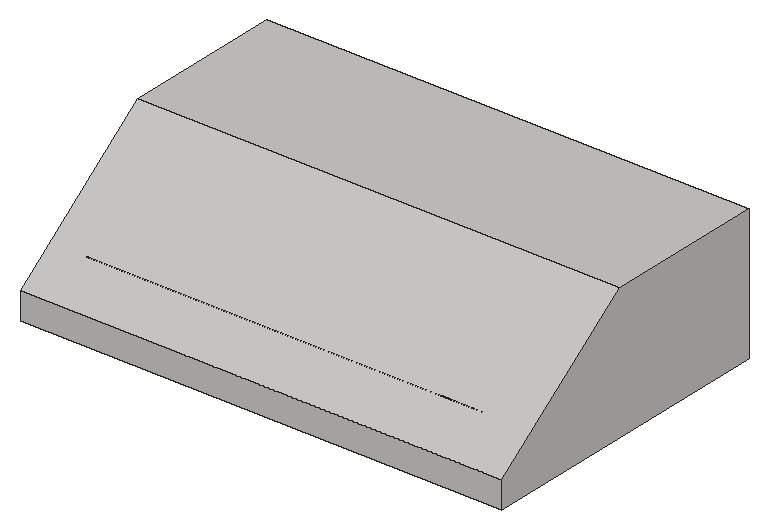
Revit family "P190780JX-154c_JXU9136HP_StainlessSteel_JA_Cooking_Ventilation", category Specialty Equipment, Revit 2023
Family settings
  Round Connector Dimension = Use Diameter
  Part Type = Normal
  Work Plane-Based = No
  Enable Cutting in Views = No
  Always vertical = Yes
  Cut with Voids When Loaded = No
  Maintain Annotation Orientation = No
  Shared = No
  Room Calculation Point = No
Parameters (values of type "JXU9136HP")
  Width = 36"
  Voltage = 0 V
  URL = ""
  Model = "JXU9136HP"
  Manufacturer = "Jenn Air"
  Knob Material = ARCAT - Metal - Steel - Black
  Installation-Fabrication = ""
  Height = 10"
  Feature 3 = "Radiant Until Ready\nRadiant jusqu’à ce qu’il soit prêt"
  Feature 2 = "3 1/4\" x 10\" Rectangular Exterior Venting\nConduit d’évacuation rectangulaire extérieur 3 1⁄4 x 10 po"
  Feature 1 = "Velocity Blower\nVentilateur à grande vitesse"
  Family Name = "COMMERCIAL & LINER HOODS - 36\""
  Energy Guide = ""
  Drawn By = ""
  Vent Material = ARCAT - Metal - Steel - Gray
  Dimension Guide = ""
  Description = "Pro-Style® 36\" Professional Low Profile Under Cabinet Hood\nHotte de ventilation à profil bas sous le placard, 36 po"
  Depth = 23"
  Default Elevation = 0"
  Copyright = ""
  Body Material = ARCAT - Metal - Steel - Stainless
  Amps = 0 A
  Accent Material = ARCAT - Metal - Steel - Gray
Reference planes (in)
  plane 1 "Center (Front/Back)": y = 0
  plane 2: z = 0
  plane 3 "Center (Left/Right)": x = 0
  plane 4: y = -23
  plane 5: z = 10
  plane 6: x = 18
  plane 7: x = -18
Forms (in)
  Extrusion 1, solid, material "ARCAT - Metal - Steel - Stainless" <- "Body Material"
    sketch origin (18, 60, 48) x (0, 1, 0) y (0, 0, 1)
      loop
        line (-60, -48) -> (-60, -38) -> (-72, -38) -> (-83, -46) -> (-83, -48) -> (-60, -48)
    from 0 to -36
  Extrusion 2, void
    sketch origin (18, 60, 48) x (0, -1, 0) y (0, 0, 1)
      loop
        line (82, -48) -> (82, -46.50922) -> (79.37907, -44.60309) -> (60.0625, -44.60309) -> (60.0625, -47.96875) -> (61, -47.96875) -> (61, -48) -> (82, -48)
    from 2 to 34
  Extrusion 3, solid, material "ARCAT - Metal - Steel - Stainless" <- "Body Material"
    sketch origin (16, 60, 48) x (0, -1, 0) y (0, 0, 1)
      loop
        line (81.50902, -47.98438) -> (82, -47.98438) -> (82, -46.50922) -> (79.37907, -44.60309) -> (73.65538, -44.60309) -> (73.65538, -47.98438) -> (74.72678, -47.98438) -> (79.33484, -44.63642) -> (81.50902, -47.98438)
    from 0 to 32
  Extrusion 4, void
    sketch origin (18.1875, -19.33484, 3.36358) x (0, -0.809017, 0.587785) y (1, 0, 0)
      loop
        circle (-2.5642, -4.60972) r 1.12402
    from 0 to 0.25
  Extrusion 5, solid, material "ARCAT - Metal - Steel - Black" <- "Knob Material"
    sketch origin (18.1875, -19.18789, 3.56583) x (0, 0.809017, -0.587785) y (1, 0, 0)
      loop
        circle (2.5642, -4.60972) r 1
    from 0 to 0.875
  Extrusion 6, void
    sketch origin (14.6875, -19.33484, 3.36358) x (0, -0.809017, 0.587785) y (1, 0, 0)
      loop
        circle (-2.5642, -4.60972) r 1.12402
    from 0 to 0.25
  Extrusion 7, solid, material "ARCAT - Metal - Steel - Black" <- "Knob Material"
    sketch origin (14.6875, -19.18789, 3.56583) x (0, 0.809017, -0.587785) y (1, 0, 0)
      loop
        circle (2.5642, -4.60972) r 1
    from 0 to 0.875
  Revolve 8, solid, material "ARCAT - Metal - Steel - Gray" <- "Accent Material"
    sketch origin (6.75, 60, 48) x (0, 1, 0) y (0, 0, 1)
      loop
        line (-81.3067, -47.67314) -> (-81.21605, -47.73198)
        arc (-81.21605, -47.73198) -> (-81.19216, -47.73965) -> (-81.16767, -47.73417) r 0.04786
        arc (-81.16767, -47.73417) -> (-80.9038, -47.57083) -> (-80.66492, -47.37273) r 2.24972
        arc (-80.66492, -47.37273) -> (-80.64235, -47.37737) -> (-80.62186, -47.36686) r 0.0347
        arc (-80.62186, -47.36686) -> (-80.29865, -46.98598) -> (-80.01918, -46.57195) r 4.54624
        line (-80.01918, -46.57195) -> (-80.42207, -46.31031) -> (-81.3067, -47.67314)
      axis (-80.42207, -46.31031) -> (-80.01918, -46.57195)
    angle from 0 to 360
  Revolve 9, solid, material "ARCAT - Metal - Steel - Gray" <- "Accent Material"
    sketch origin (-8.375, 60, 48) x (0, 1, 0) y (0, 0, 1)
      loop
        line (-81.3067, -47.67314) -> (-81.21605, -47.73198)
        arc (-81.21605, -47.73198) -> (-81.19216, -47.73965) -> (-81.16767, -47.73417) r 0.04786
        arc (-81.16767, -47.73417) -> (-80.9038, -47.57083) -> (-80.66492, -47.37273) r 2.24972
        arc (-80.66492, -47.37273) -> (-80.64235, -47.37737) -> (-80.62186, -47.36686) r 0.0347
        arc (-80.62186, -47.36686) -> (-80.29865, -46.98598) -> (-80.01918, -46.57195) r 4.54624
        line (-80.01918, -46.57195) -> (-80.42207, -46.31031) -> (-81.3067, -47.67314)
      axis (-80.42207, -46.31031) -> (-80.01918, -46.57195)
    angle from 0 to 360
  Extrusion 10, solid, material "ARCAT - Metal - Steel - Black" <- "Knob Material"
    sketch origin (18.1875, -19.7022, 2.85794) x (0, 0.809017, -0.587785) y (1, 0, 0)
      loop
        circle (2.5642, -4.60972) r 1
    from 0 to 0.125
  Extrusion 11, solid, material "ARCAT - Metal - Steel - Black" <- "Knob Material"
    sketch origin (14.6875, -19.7022, 2.85794) x (0, 0.809017, -0.587785) y (1, 0, 0)
      loop
        circle (2.5642, -4.60972) r 1
    from 0 to 0.125
  Extrusion 12, solid, material "ARCAT - Metal - Steel - Gray" <- "Vent Material"
    sketch origin (19.29055, -1.90559, 0.03125) x (0, -1, 0) y (1, 0, 0)
      loop
        line (-0.84309, -3.29055) -> (-1.84309, -3.29055) -> (-1.84309, -35.29055) -> (-0.84309, -35.29055) -> (-0.84309, -3.29055)
      loop
        line (11.74979, -3.29055) -> (10.74979, -3.29055) -> (10.74979, -35.29055) -> (11.74979, -35.29055) -> (11.74979, -3.29055)
    from 0 to 0.5
  Extrusion 13, solid, material "ARCAT - Metal - Steel - Gray" <- "Vent Material"
    sketch origin (18, -0.0625, 0.0625) x (0, -1, 0) y (1, 0, 0)
      loop
        line (1, -34) -> (12.59288, -34) -> (12.59288, -33.25) -> (1, -33.25) -> (1, -34)
    from 0 to 0.25
  Extrusion 14, solid, material "ARCAT - Metal - Steel - Gray" <- "Vent Material"
    sketch origin (26.75, -0.0625, 0.0625) x (1, 0, 0) y (0, -1, 0)
      loop
        line (-26.76562, 1) -> (-26.76562, 12.59288) -> (-27.51562, 12.59288) -> (-27.51562, 1) -> (-26.76562, 1)
    from 0 to -0.25
  Extrusion 15, solid, material "ARCAT - Metal - Steel - Gray" <- "Vent Material"
    sketch origin (17, -0.0625, 0.0625) x (0, 1, 0) y (1, 0, 0)
      loop
        line (-1, -31.75) -> (-1, -30.5) -> (-12.59288, -30.5) -> (-12.59288, -31.75) -> (-1, -31.75)
    from 0 to -0.25
  Extrusion 16, solid, material "ARCAT - Metal - Steel - Gray" <- "Vent Material"
    sketch origin (-18, -0.0625, 0.0625) x (0, -1, 0) y (1, 0, 0)
      loop
        line (1, 34) -> (1, 33.25) -> (12.59288, 33.25) -> (12.59288, 34) -> (1, 34)
    from 0 to 0.25
  Extrusion 17, solid, material "ARCAT - Metal - Steel - Gray" <- "Vent Material"
    sketch origin (-26.75, -0.0625, 0.0625) x (1, 0, 0) y (0, -1, 0)
      loop
        line (26.76562, 1) -> (27.51562, 1) -> (27.51562, 12.59288) -> (26.76562, 12.59288) -> (26.76562, 1)
    from 0 to -0.25
  Extrusion 18, solid, material "ARCAT - Metal - Steel - Gray" <- "Vent Material"
    sketch origin (29.23438, -0.0625, 0.0625) x (0, 1, 0) y (1, 0, 0)
      loop
        line (-1, -31.75) -> (-1, -30.5) -> (-12.59288, -30.5) -> (-12.59288, -31.75) -> (-1, -31.75)
    from 0 to -0.25
  Extrusion 19, solid, material "ARCAT - Metal - Steel - Gray" <- "Vent Material"
    sketch origin (18.74777, -0.0625, 0.0625) x (0, 1, 0) y (1, 0, 0)
      loop
        line (-1, -31.75) -> (-1, -30.5) -> (-12.59288, -30.5) -> (-12.59288, -31.75) -> (-1, -31.75)
    from 0 to -0.25
  Extrusion 20, solid, material "ARCAT - Metal - Steel - Gray" <- "Vent Material"
    sketch origin (20.49554, -0.0625, 0.0625) x (0, 1, 0) y (1, 0, 0)
      loop
        line (-1, -31.75) -> (-1, -30.5) -> (-12.59288, -30.5) -> (-12.59288, -31.75) -> (-1, -31.75)
    from 0 to -0.25
  Extrusion 21, solid, material "ARCAT - Metal - Steel - Gray" <- "Vent Material"
    sketch origin (22.2433, -0.0625, 0.0625) x (0, 1, 0) y (1, 0, 0)
      loop
        line (-1, -31.75) -> (-1, -30.5) -> (-12.59288, -30.5) -> (-12.59288, -31.75) -> (-1, -31.75)
    from 0 to -0.25
  Extrusion 22, solid, material "ARCAT - Metal - Steel - Gray" <- "Vent Material"
    sketch origin (23.99107, -0.0625, 0.0625) x (0, 1, 0) y (1, 0, 0)
      loop
        line (-1, -31.75) -> (-1, -30.5) -> (-12.59288, -30.5) -> (-12.59288, -31.75) -> (-1, -31.75)
    from 0 to -0.25
  Extrusion 23, solid, material "ARCAT - Metal - Steel - Gray" <- "Vent Material"
    sketch origin (25.73884, -0.0625, 0.0625) x (0, 1, 0) y (1, 0, 0)
      loop
        line (-1, -31.75) -> (-1, -30.5) -> (-12.59288, -30.5) -> (-12.59288, -31.75) -> (-1, -31.75)
    from 0 to -0.25
  Extrusion 24, solid, material "ARCAT - Metal - Steel - Gray" <- "Vent Material"
    sketch origin (27.48661, -0.0625, 0.0625) x (0, 1, 0) y (1, 0, 0)
      loop
        line (-1, -31.75) -> (-1, -30.5) -> (-12.59288, -30.5) -> (-12.59288, -31.75) -> (-1, -31.75)
    from 0 to -0.25
  Extrusion 25, solid, material "ARCAT - Metal - Steel - Gray" <- "Vent Material"
    sketch origin (33.01563, -0.0625, 0.0625) x (0, 1, 0) y (1, 0, 0)
      loop
        line (-1, -31.75) -> (-1, -30.5) -> (-12.59288, -30.5) -> (-12.59288, -31.75) -> (-1, -31.75)
    from 0 to -0.25
  Extrusion 26, solid, material "ARCAT - Metal - Steel - Gray" <- "Vent Material"
    sketch origin (45.25, -0.0625, 0.0625) x (0, 1, 0) y (1, 0, 0)
      loop
        line (-1, -31.75) -> (-1, -30.5) -> (-12.59288, -30.5) -> (-12.59288, -31.75) -> (-1, -31.75)
    from 0 to -0.25
  Extrusion 27, solid, material "ARCAT - Metal - Steel - Gray" <- "Vent Material"
    sketch origin (34.76339, -0.0625, 0.0625) x (0, 1, 0) y (1, 0, 0)
      loop
        line (-1, -31.75) -> (-1, -30.5) -> (-12.59288, -30.5) -> (-12.59288, -31.75) -> (-1, -31.75)
    from 0 to -0.25
  Extrusion 28, solid, material "ARCAT - Metal - Steel - Gray" <- "Vent Material"
    sketch origin (36.51116, -0.0625, 0.0625) x (0, 1, 0) y (1, 0, 0)
      loop
        line (-1, -31.75) -> (-1, -30.5) -> (-12.59288, -30.5) -> (-12.59288, -31.75) -> (-1, -31.75)
    from 0 to -0.25
  Extrusion 29, solid, material "ARCAT - Metal - Steel - Gray" <- "Vent Material"
    sketch origin (38.25893, -0.0625, 0.0625) x (0, 1, 0) y (1, 0, 0)
      loop
        line (-1, -31.75) -> (-1, -30.5) -> (-12.59288, -30.5) -> (-12.59288, -31.75) -> (-1, -31.75)
    from 0 to -0.25
  Extrusion 30, solid, material "ARCAT - Metal - Steel - Gray" <- "Vent Material"
    sketch origin (40.0067, -0.0625, 0.0625) x (0, 1, 0) y (1, 0, 0)
      loop
        line (-1, -31.75) -> (-1, -30.5) -> (-12.59288, -30.5) -> (-12.59288, -31.75) -> (-1, -31.75)
    from 0 to -0.25
  Extrusion 31, solid, material "ARCAT - Metal - Steel - Gray" <- "Vent Material"
    sketch origin (41.75446, -0.0625, 0.0625) x (0, 1, 0) y (1, 0, 0)
      loop
        line (-1, -31.75) -> (-1, -30.5) -> (-12.59288, -30.5) -> (-12.59288, -31.75) -> (-1, -31.75)
    from 0 to -0.25
  Extrusion 32, solid, material "ARCAT - Metal - Steel - Gray" <- "Vent Material"
    sketch origin (43.50223, -0.0625, 0.0625) x (0, 1, 0) y (1, 0, 0)
      loop
        line (-1, -31.75) -> (-1, -30.5) -> (-12.59288, -30.5) -> (-12.59288, -31.75) -> (-1, -31.75)
    from 0 to -0.25
  Revolve 33, solid, material "ARCAT - Metal - Steel - Gray" <- "Vent Material"
    sketch origin (-0.25, -9.44685, 0.03125) x (0, 0, -1) y (1, 0, 0)
      loop
        arc (-0.03125, 7.30489) -> (0.08574, 7.33856) -> (0.20522, 7.31517) r 0.25952
        line (0.20522, 7.31517) -> (0.24768, 7.31517)
        arc (0.24768, 7.31517) -> (0.36945, 7.34549) -> (0.49229, 7.31985) r 0.2813
        arc (0.49229, 7.31985) -> (0.50195, 7.36268) -> (0.50742, 7.40625) r 0.45272
        line (0.50742, 7.40625) -> (-0.03125, 7.40625) -> (-0.03125, 7.30489)
      axis (-0.03125, 7.40625) -> (0.50742, 7.40625)
    angle from 0 to 360
  Revolve 34, solid, material "ARCAT - Metal - Steel - Gray" <- "Vent Material"
    sketch origin (-13.25, -9.44685, 0.03125) x (0, 0, -1) y (1, 0, 0)
      loop
        arc (-0.03125, 4.30489) -> (0.08574, 4.33856) -> (0.20522, 4.31517) r 0.25952
        line (0.20522, 4.31517) -> (0.24768, 4.31517)
        arc (0.24768, 4.31517) -> (0.36945, 4.34549) -> (0.49229, 4.31985) r 0.2813
        arc (0.49229, 4.31985) -> (0.50195, 4.36268) -> (0.50742, 4.40625) r 0.45272
        line (0.50742, 4.40625) -> (-0.03125, 4.40625) -> (-0.03125, 4.30489)
      axis (-0.03125, 4.40625) -> (0.50742, 4.40625)
    angle from 0 to 360
  Revolve 35, solid, material "ARCAT - Metal - Steel - Gray" <- "Vent Material"
    sketch origin (1.4375, -3.88305, 0.03125) x (0, 0, -1) y (1, 0, 0)
      loop
        arc (-0.03125, 7.30489) -> (0.08574, 7.33856) -> (0.20522, 7.31517) r 0.25952
        line (0.20522, 7.31517) -> (0.24768, 7.31517)
        arc (0.24768, 7.31517) -> (0.36945, 7.34549) -> (0.49229, 7.31985) r 0.2813
        arc (0.49229, 7.31985) -> (0.50195, 7.36268) -> (0.50742, 7.40625) r 0.45272
        line (0.50742, 7.40625) -> (-0.03125, 7.40625) -> (-0.03125, 7.30489)
      axis (-0.03125, 7.40625) -> (0.50742, 7.40625)
    angle from 0 to 360
  Revolve 36, solid, material "ARCAT - Metal - Steel - Gray" <- "Vent Material"
    sketch origin (-14.5625, -3.88305, 0.03125) x (0, 0, -1) y (1, 0, 0)
      loop
        arc (-0.03125, 7.30489) -> (0.08574, 7.33856) -> (0.20522, 7.31517) r 0.25952
        line (0.20522, 7.31517) -> (0.24768, 7.31517)
        arc (0.24768, 7.31517) -> (0.36945, 7.34549) -> (0.49229, 7.31985) r 0.2813
        arc (0.49229, 7.31985) -> (0.50195, 7.36268) -> (0.50742, 7.40625) r 0.45272
        line (0.50742, 7.40625) -> (-0.03125, 7.40625) -> (-0.03125, 7.30489)
      axis (-0.03125, 7.40625) -> (0.50742, 7.40625)
    angle from 0 to 360
  Extrusion 37, solid, material "ARCAT - Metal - Steel - Stainless" <- "Body Material"
    sketch origin (18, 0, 0) x (0, 0, 1) y (1, 0, 0)
      loop
        circle (2.45706, -17.9992) r 0.25
    from 0 to 0.03125
Cuts and joins
  Extrusion 2, Extrusion 4 cuts Extrusion 1
  Extrusion 4, Extrusion 6 cuts Extrusion 3
  Extrusion 6 cuts Extrusion 5
Lines and regions (in)
  symbolic lines, style "SpecialityEquipment"
    curve 1: line (-18, 0, 14.29687) -> (-18, -23, 14.29687)
    curve 2: line (-18, -23, 14.29687) -> (18, -23, 14.29687)
    curve 3: line (18, 0, 14.29687) -> (-18, 0, 14.29687)
    curve 4: line (18, 0, 14.29687) -> (18, -23, 14.29687)
    curve 5: line (-18, -12, 14.29687) -> (18, -12, 14.29687)
Dimensions and locks (in)
  "Height": plane 5 to level
  "Depth": plane 1 "Center (Front/Back)" to plane 4
  equal spacing: plane 7, plane 3 "Center (Left/Right)", plane 6
  "Width": plane 7 to plane 6
  aligned and locked: plane 2 to level
  aligned and locked: plane 6 to Extrusion 1
  aligned and locked: plane 7 to Extrusion 1
  aligned and locked: Extrusion 2 to cut or joined group of Extrusion 3, Extrusion 4, Extrusion 6  (x2)
Automatic sketch dimensions
  plane 1 "Center (Front/Back)" to curve 1 = 0"
  curve 5 to plane 7 = 0"
  curve 5 to plane 6 = 0"
  curve 4 to plane 4 = 0"
  plane 4 to curve 5 = 11"
  Extrusion 1 sketch curve to level = 0"
  Extrusion 1 sketch curve to plane 4 = 0"
  Extrusion 1 sketch curve to plane 5 = 0"
  Extrusion 1 sketch curve to plane 1 "Center (Front/Back)" = 0"
  plane 4 to Extrusion 1 sketch curve = 11"
  Extrusion 1 sketch curve to Extrusion 1 sketch curve = 2"
  Extrusion 2 sketch curve to level = 0"
  plane 1 "Center (Front/Back)" to Extrusion 2 sketch curve = 1/16"
  level to Extrusion 2 sketch curve = 1/32"
  Extrusion 2 sketch curve to Extrusion 2 sketch curve = 15/16"
  plane 4 to Extrusion 2 sketch curve = 3.62093"
  plane 4 to Extrusion 2 sketch curve = 1"
  level to Extrusion 2 sketch curve = 1.49078"
  Extrusion 2 sketch curve to Extrusion 2 sketch curve = 1.90613"
  Extrusion 3 sketch curve to Extrusion 2 = 0"  (x4)
  Extrusion 3 sketch curve to Extrusion 2 = 0.03333"
  Extrusion 3 sketch curve to Extrusion 3 sketch curve = 0.04423"
  Extrusion 2 to Extrusion 3 sketch curve = 1/64"  (x2)
  Extrusion 3 sketch curve to Extrusion 3 sketch curve = 4.60806"
  Extrusion 3 sketch curve to Extrusion 3 sketch curve = 1.07139"
  Extrusion 3 sketch curve to Extrusion 3 sketch curve = 0.49098"
  Extrusion 4 sketch curve to Extrusion 3 = 2.5642"
  Extrusion 4 sketch curve to Extrusion 3 = 2.42222"
  Extrusion 6 sketch curve to Extrusion 3 = 2.5642"
  Extrusion 6 sketch curve to Extrusion 3 = 5.92222"
  Revolve 8 sketch curve to plane 4 = 0.92139"
  plane 4 to Revolve 8 sketch curve = 0.78297"
  level to Revolve 8 sketch curve = 0.32686"
  plane 4 to Revolve 8 sketch curve = 1.6933"
  level to Revolve 8 sketch curve = 0.26802"
  Revolve 8 sketch curve to Revolve 8 sketch curve = 0.09065"
  Revolve 8 sketch curve to Revolve 8 sketch curve = 0.02606"
  Revolve 8 sketch curve to Revolve 8 sketch curve = 139/256"
  level to Revolve 8 sketch curve = 1.68969"
  level to Revolve 8 sketch curve = 1.42805"
  Revolve 8 sketch curve to Revolve 8 sketch curve = 0.40289"
  Revolve 8 sketch curve to Revolve 8 sketch curve = 0.04014"
  Revolve 8 sketch curve to Revolve 8 sketch curve = 0.34885"
  Revolve 8 sketch curve to Revolve 8 sketch curve = 0.56614"
  Revolve 8 sketch curve to Revolve 8 sketch curve = 1.50483"
  Revolve 8 sketch curve to Revolve 8 sketch curve = 0"
  Revolve 8 sketch curve to Revolve 8 sketch curve = 0.01788"
  Revolve 8 sketch curve to Revolve 8 sketch curve = 0.00014"
  level to Revolve 8 sketch curve = 1.23116"
  Revolve 8 sketch curve to Revolve 8 sketch curve = 0.30319"
  Revolve 8 sketch curve to Revolve 8 sketch curve = 0.00009"
  Revolve 9 sketch curve to plane 4 = 0.92139"
  plane 4 to Revolve 9 sketch curve = 0.78297"
  level to Revolve 9 sketch curve = 0.32686"
  plane 4 to Revolve 9 sketch curve = 1.6933"
  level to Revolve 9 sketch curve = 0.26802"
  Revolve 9 sketch curve to Revolve 9 sketch curve = 0.09065"
  Revolve 9 sketch curve to Revolve 9 sketch curve = 0.02606"
  Revolve 9 sketch curve to Revolve 9 sketch curve = 139/256"
  level to Revolve 9 sketch curve = 1.68969"
  level to Revolve 9 sketch curve = 1.42805"
  Revolve 9 sketch curve to Revolve 9 sketch curve = 0.40289"
  Revolve 9 sketch curve to Revolve 9 sketch curve = 0.04014"
  Revolve 9 sketch curve to Revolve 9 sketch curve = 0.34885"
  Revolve 9 sketch curve to Revolve 9 sketch curve = 0.56614"
  Revolve 9 sketch curve to Revolve 9 sketch curve = 1.50483"
  Revolve 9 sketch curve to Revolve 9 sketch curve = 0"
  Revolve 9 sketch curve to Revolve 9 sketch curve = 0.01788"
  Revolve 9 sketch curve to Revolve 9 sketch curve = 0.00014"
  level to Revolve 9 sketch curve = 1.23116"
  Revolve 9 sketch curve to Revolve 9 sketch curve = 0.30319"
  Revolve 9 sketch curve to Revolve 9 sketch curve = 0.00009"
  Extrusion 10 sketch curve to plane 6 = 4.42222"
  Extrusion 11 sketch curve to plane 6 = 7.92222"
  Extrusion 12 sketch curve to Extrusion 2 = 0"  (x4)
  Extrusion 2 to Extrusion 12 sketch curve = 0"
  Extrusion 12 sketch curve to Extrusion 2 = 1/16"
  Extrusion 12 sketch curve to Extrusion 12 sketch curve = 11.59288"
  Extrusion 12 sketch curve to Extrusion 12 sketch curve = 1"
  plane 1 "Center (Front/Back)" to Extrusion 13 sketch curve = 1 1/16"
  Extrusion 13 sketch curve to plane 7 = 2"
  plane 4 to Extrusion 13 sketch curve = 10.34462"
  Extrusion 13 sketch curve to Extrusion 13 sketch curve = 3/4"
  Extrusion 13 to Extrusion 14 sketch curve = 0"  (x2)
  Extrusion 14 sketch curve to Extrusion 13 = 14 31/64"
  Extrusion 14 sketch curve to Extrusion 14 sketch curve = 3/4"
  Extrusion 15 sketch curve to plane 7 = 3 1/4"
  plane 4 to Extrusion 15 sketch curve = 10.34462"
  plane 1 "Center (Front/Back)" to Extrusion 15 sketch curve = 1 1/16"
  Extrusion 15 sketch curve to Extrusion 15 sketch curve = 1 1/4"
  plane 1 "Center (Front/Back)" to Extrusion 16 sketch curve = 1 1/16"
  Extrusion 16 sketch curve to plane 6 = 2"
  plane 4 to Extrusion 16 sketch curve = 10.34462"
  Extrusion 16 sketch curve to Extrusion 16 sketch curve = 3/4"
  Extrusion 13 to Extrusion 17 sketch curve = 0"  (x2)
  Extrusion 17 sketch curve to Extrusion 13 = 15 17/64"
  Extrusion 17 sketch curve to Extrusion 17 sketch curve = 3/4"
  plane 4 to Extrusion 18 sketch curve = 10.34462"
  plane 1 "Center (Front/Back)" to Extrusion 18 sketch curve = 1 1/16"
  Extrusion 19 sketch curve to plane 7 = 4.99777"
  plane 4 to Extrusion 19 sketch curve = 10.34462"
  plane 1 "Center (Front/Back)" to Extrusion 19 sketch curve = 1 1/16"
  Extrusion 19 sketch curve to Extrusion 19 sketch curve = 1 1/4"
  plane 4 to Extrusion 20 sketch curve = 10.34462"
  plane 1 "Center (Front/Back)" to Extrusion 20 sketch curve = 1 1/16"
  Extrusion 20 sketch curve to plane 7 = 7.99554"
  Extrusion 20 sketch curve to Extrusion 20 sketch curve = 1 1/4"
  plane 4 to Extrusion 21 sketch curve = 10.34462"
  plane 1 "Center (Front/Back)" to Extrusion 21 sketch curve = 1 1/16"
  Extrusion 21 sketch curve to Extrusion 21 sketch curve = 1 1/4"
  plane 4 to Extrusion 22 sketch curve = 10.34462"
  plane 1 "Center (Front/Back)" to Extrusion 22 sketch curve = 1 1/16"
  Extrusion 22 sketch curve to Extrusion 22 sketch curve = 1 1/4"
  plane 4 to Extrusion 23 sketch curve = 10.34462"
  plane 1 "Center (Front/Back)" to Extrusion 23 sketch curve = 1 1/16"
  Extrusion 23 sketch curve to Extrusion 23 sketch curve = 1 1/4"
  plane 4 to Extrusion 24 sketch curve = 10.34462"
  plane 1 "Center (Front/Back)" to Extrusion 24 sketch curve = 1 1/16"
  Extrusion 24 sketch curve to Extrusion 24 sketch curve = 1 1/4"
  plane 3 "Center (Left/Right)" to Extrusion 25 sketch curve = 1 17/64"
  plane 4 to Extrusion 25 sketch curve = 10.34462"
  plane 1 "Center (Front/Back)" to Extrusion 25 sketch curve = 1 1/16"
  Extrusion 25 sketch curve to Extrusion 25 sketch curve = 1 1/4"
  Extrusion 26 sketch curve to plane 6 = 4 1/2"
  plane 4 to Extrusion 26 sketch curve = 10.34462"
  plane 1 "Center (Front/Back)" to Extrusion 26 sketch curve = 1 1/16"
  Extrusion 26 sketch curve to Extrusion 26 sketch curve = 1 1/4"
  plane 3 "Center (Left/Right)" to Extrusion 27 sketch curve = 3.01339"
  plane 4 to Extrusion 27 sketch curve = 10.34462"
  plane 1 "Center (Front/Back)" to Extrusion 27 sketch curve = 1 1/16"
  Extrusion 27 sketch curve to Extrusion 27 sketch curve = 1 1/4"
  plane 3 "Center (Left/Right)" to Extrusion 28 sketch curve = 4.76116"
  plane 4 to Extrusion 28 sketch curve = 10.34462"
  plane 1 "Center (Front/Back)" to Extrusion 28 sketch curve = 1 1/16"
  Extrusion 28 sketch curve to Extrusion 28 sketch curve = 1 1/4"
  plane 4 to Extrusion 29 sketch curve = 10.34462"
  plane 1 "Center (Front/Back)" to Extrusion 29 sketch curve = 1 1/16"
  plane 3 "Center (Left/Right)" to Extrusion 29 sketch curve = 7.75893"
  Extrusion 29 sketch curve to Extrusion 29 sketch curve = 1 1/4"
  plane 4 to Extrusion 30 sketch curve = 10.34462"
  plane 1 "Center (Front/Back)" to Extrusion 30 sketch curve = 1 1/16"
  Extrusion 30 sketch curve to plane 6 = 8.4933"
  Extrusion 30 sketch curve to Extrusion 30 sketch curve = 1 1/4"
  plane 4 to Extrusion 31 sketch curve = 10.34462"
  plane 1 "Center (Front/Back)" to Extrusion 31 sketch curve = 1 1/16"
  Extrusion 31 sketch curve to plane 6 = 6.74554"
  Extrusion 31 sketch curve to Extrusion 31 sketch curve = 1 1/4"
  plane 4 to Extrusion 32 sketch curve = 10.34462"
  plane 1 "Center (Front/Back)" to Extrusion 32 sketch curve = 1 1/16"
  Extrusion 32 sketch curve to plane 6 = 4.99777"
  Extrusion 32 sketch curve to Extrusion 32 sketch curve = 1 1/4"
  level to Revolve 33 sketch curve = 1/16"
  Revolve 33 sketch curve to level = 0.02477"
  Revolve 33 sketch curve to level = 0.06576"
  Revolve 33 sketch curve to level = 0.17397"
  Revolve 33 sketch curve to Revolve 33 sketch curve = 0.04246"
  Revolve 33 sketch curve to Revolve 33 sketch curve = 0.27782"
  Revolve 33 sketch curve to Revolve 33 sketch curve = 0.25974"
  plane 3 "Center (Left/Right)" to Revolve 33 sketch curve = 6.81424"
  Revolve 33 sketch curve to Revolve 33 sketch curve = 0.01504"
  Revolve 33 sketch curve to Revolve 33 sketch curve = 0.22561"
  Revolve 33 sketch curve to Revolve 33 sketch curve = 0.10136"
  Revolve 33 sketch curve to Revolve 33 sketch curve = 0.03454"
  Revolve 33 sketch curve to Revolve 33 sketch curve = 1/32"
  Revolve 33 sketch curve to Revolve 33 sketch curve = 0.00742"
  Revolve 33 sketch curve to Revolve 33 sketch curve = 0"
  level to Revolve 34 sketch curve = 1/16"
  Revolve 34 sketch curve to level = 0.02477"
  Revolve 34 sketch curve to level = 0.06576"
  Revolve 34 sketch curve to level = 0.17397"
  Revolve 34 sketch curve to Revolve 34 sketch curve = 0.04246"
  Revolve 34 sketch curve to Revolve 34 sketch curve = 0.27782"
  Revolve 34 sketch curve to Revolve 34 sketch curve = 0.25974"
  Revolve 34 sketch curve to Revolve 34 sketch curve = 0.01504"
  Revolve 34 sketch curve to Revolve 34 sketch curve = 0.22561"
  Revolve 34 sketch curve to Revolve 34 sketch curve = 0.10136"
  Revolve 34 sketch curve to Revolve 34 sketch curve = 0.03454"
  level to Revolve 34 sketch curve = 1/32"
  Revolve 34 sketch curve to Revolve 34 sketch curve = 0.00742"
  Revolve 34 sketch curve to Revolve 34 sketch curve = 0"
  level to Revolve 35 sketch curve = 1/16"
  Revolve 35 sketch curve to level = 0.02477"
  Revolve 35 sketch curve to level = 0.06576"
  Revolve 35 sketch curve to level = 0.17397"
  Revolve 35 sketch curve to Revolve 35 sketch curve = 0.04246"
  Revolve 35 sketch curve to Revolve 35 sketch curve = 0.27782"
  Revolve 35 sketch curve to Revolve 35 sketch curve = 0.25974"
  plane 3 "Center (Left/Right)" to Revolve 35 sketch curve = 8.50174"
  Revolve 35 sketch curve to Revolve 35 sketch curve = 0.01504"
  Revolve 35 sketch curve to Revolve 35 sketch curve = 0.22561"
  Revolve 35 sketch curve to Revolve 35 sketch curve = 0.10136"
  Revolve 35 sketch curve to Revolve 35 sketch curve = 0.03454"
  level to Revolve 35 sketch curve = 1/32"
  Revolve 35 sketch curve to Revolve 35 sketch curve = 0.00742"
  Revolve 35 sketch curve to Revolve 35 sketch curve = 0"
  level to Revolve 36 sketch curve = 1/16"
  Revolve 36 sketch curve to level = 0.02477"
  Revolve 36 sketch curve to level = 0.06576"
  Revolve 36 sketch curve to level = 0.17397"
  Revolve 36 sketch curve to Revolve 36 sketch curve = 0.04246"
  Revolve 36 sketch curve to Revolve 36 sketch curve = 0.27782"
  Revolve 36 sketch curve to Revolve 36 sketch curve = 0.25974"
  Revolve 36 sketch curve to Revolve 36 sketch curve = 0.01504"
  Revolve 36 sketch curve to Revolve 36 sketch curve = 0.22561"
  Revolve 36 sketch curve to Revolve 36 sketch curve = 0.10136"
  Revolve 36 sketch curve to Revolve 36 sketch curve = 0.03454"
  level to Revolve 36 sketch curve = 1/32"
  Revolve 36 sketch curve to Revolve 36 sketch curve = 0.00742"
  Revolve 36 sketch curve to Revolve 36 sketch curve = 0"
  Extrusion 1 to Extrusion 37 sketch curve = 2.45706"
  Extrusion 1 to Extrusion 37 sketch curve = 17.9992"
  Extrusion 18 sketch curve to plane 3 "Center (Left/Right)" = 1 17/64"
  Extrusion 18 sketch curve to Extrusion 18 sketch curve = 1 1/4"
  Extrusion 21 sketch curve to plane 3 "Center (Left/Right)" = 8.2567"
  Extrusion 22 sketch curve to plane 3 "Center (Left/Right)" = 6.50893"
  Extrusion 23 sketch curve to plane 3 "Center (Left/Right)" = 4.76116"
  Extrusion 24 sketch curve to plane 3 "Center (Left/Right)" = 3.01339"
  Revolve 34 sketch curve to plane 7 = 8.81424"
  Revolve 36 sketch curve to plane 3 "Center (Left/Right)" = 7.49826"
  radius of Extrusion 4 sketch curve = 1.12402"
  radius of Extrusion 5 sketch curve to Extrusion 4 = 0.12402"
  radius of Extrusion 6 sketch curve = 1.12402"
  radius of Extrusion 7 sketch curve to Extrusion 6 = 0.12402"
  radius of Extrusion 10 sketch curve = 1"
  radius of Extrusion 11 sketch curve = 1"
  radius of Extrusion 37 sketch curve = 1/4"
Nested families (in)
  nested 1: "Family1" at (0, -15.74209, 0.7533) x (1, 0, 0) z (0, -0.5878, -0.809), type "Family1"
Connectors (in)
  electrical at (0.0008, 0.03125, 2.45706), driven by "Voltage"
    settings: on Extrusion 37, index 1, voltage 0 V, apparent load 0 VA, apparent load phase1 0 VA, apparent load phase2 0 VA, apparent load phase3 0 VA, power factor 1, load classification "Other", number of poles 1, system type 30, power factor state 1, is connector primary yes, connector utility no, sub classification motor no, connector description "Electrical Connection"
Definition of nested family "Family1"
  Parameters (values of type "Family1")
    Logo Material = none
    Default Elevation = 48"
  Reference planes (in)
    plane 1 "Center (Front/Back)": y = 0
    plane 2: z = 0
    plane 3 "Center (Left/Right)": x = 0
  Forms (in)
    Extrusion 1, solid
      sketch origin (0, 0, 0) x (1, 0, 0) y (0, 1, 0)
        loop
          line (-48, 48) -> (-48, -48) -> (48, -48) -> (48, 48) -> (-48, 48)
      from 0 to -12
    Blend 2, solid, material <- "Logo Material"
      base sketch origin (-0.08356, -0.0625, 0) x (1, 0, 0) y (0, 1, 0)
        loop
          line (0.02489, 0.57039) -> (-0.22144, 0.32405)
          arc (-0.22144, 0.32405) -> (-0.24304, 0.29174) -> (-0.25062, 0.25362) r 0.09961
          line (-0.25062, 0.25362) -> (-0.25062, 0.14197)
          arc (-0.25062, 0.14197) -> (-0.22734, 0.08578) -> (-0.17115, 0.0625) r 0.07947
          line (-0.17115, 0.0625) -> (0.33826, 0.0625)
          arc (0.33826, 0.0625) -> (0.39669, 0.0867) -> (0.4209, 0.14513) r 0.08263
          line (0.4209, 0.14513) -> (0.4209, 0.62388)
          arc (0.4209, 0.62388) -> (0.41329, 0.66302) -> (0.39157, 0.69647) r 0.1045
          line (0.39157, 0.69647) -> (0.16018, 0.93608)
          arc (0.16018, 0.93608) -> (0.12847, 0.94282) -> (0.11034, 0.91594) r 0.02899
          line (0.11034, 0.91594) -> (0.11034, 0.33378)
          arc (0.11034, 0.33378) -> (0.08904, 0.31248) -> (0.06775, 0.33378) r 0.0213
          line (0.06775, 0.33378) -> (0.06775, 0.55264)
          arc (0.06775, 0.55264) -> (0.05225, 0.57583) -> (0.02489, 0.57039) r 0.0251
      top sketch origin (-0.08356, -0.0625, 0) x (1, 0, 0) y (0, 1, 0)
        loop
          arc (0.12994, 0.32432) -> (0.08649, 0.28087) -> (0.04304, 0.32432) r 0.04345
          line (0.04304, 0.32432) -> (0.04304, 0.45676)
          arc (0.04304, 0.45676) -> (0.02729, 0.48124) -> (-0.00152, 0.47707) r 0.02691
          line (-0.00152, 0.47707) -> (-0.20871, 0.29696)
          arc (-0.20871, 0.29696) -> (-0.22551, 0.27447) -> (-0.23146, 0.24703) r 0.06617
          line (-0.23146, 0.24703) -> (-0.23146, 0.12591)
          arc (-0.23146, 0.12591) -> (-0.21726, 0.09162) -> (-0.18298, 0.07742) r 0.04849
          line (-0.18298, 0.07742) -> (0.33667, 0.07742)
          arc (0.33667, 0.07742) -> (0.37938, 0.09511) -> (0.39707, 0.13782) r 0.0604
          line (0.39707, 0.13782) -> (0.39707, 0.60409)
          arc (0.39707, 0.60409) -> (0.3893, 0.63986) -> (0.3674, 0.66918) r 0.08625
          line (0.3674, 0.66918) -> (0.17024, 0.84058)
          arc (0.17024, 0.84058) -> (0.14418, 0.84435) -> (0.12994, 0.82221) r 0.02433
          line (0.12994, 0.82221) -> (0.12994, 0.32432)
      from 0 to 0.03125
  Dimensions and locks (in)
    aligned and locked: plane 2 to Extrusion 1
    aligned and locked: level to Extrusion 1
